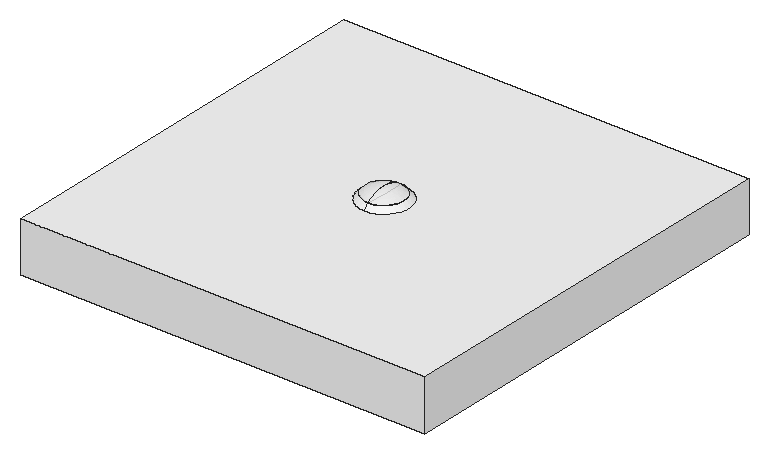
Revit family "Sarlam_Eclairage_Hublot_Chartres_Essentiel_T1_Diam_300mm_1000Lm", category Luminaires, Revit 2020
Family settings
  Hôte = Face
  Cote de connecteur circulaire = Utiliser le diamètre
  Type d'élément = Normal
  Couper avec des vides une fois chargée = Non
  Source d'éclairage = Oui
  Partagée = Non
  Point de calcul de pièce = Non
Parameters (values of type "Détection BLANC")
  Zone plafond formes 1à7 [instance] = and(not(Diamètre externe = 328 mm), or([Standard Formes 1-3-6]), not([Afficher la zone de détection-pose murale]), [Afficher la zone de détection-pose plafond])  # no
  Zone murale formes 1à7 [instance] = and(not(Diamètre externe = 328 mm), or([Standard Formes 1-3-6]), [Afficher la zone de détection-pose murale], not([Afficher la zone de détection-pose plafond]))  # no
  Zone de détection = "Détection à 2,5m haut Plafond: Ø6m maxi Mur: Ellipse 16*17m"
  URL = "http://www.legrandoc.com/SL532140"
  Type de variation = "Non régulable"
  Type de tension = "CA"
  Tension nominale (Un) V MIN = 207
  Tension nominale (Un) V MAX = 253
  built-in parameter 1150107 = 3200 (stored number, unit not read)
  Température de couleur K MIN = 4000
  Température de couleur K MAX = 4000
  Standard Formes 1-3-6 = yes
  Source lumineuse = "Led non interchangeable"
  Répartition lumineuse = "Symétrique"
  Puissance du système W = 10
  Puissance de la source lumineuse W = ""
  Puissance de la lampe en Multiwatt = "Autre"
  Wattage = 9.2903 W
  built-in parameter 1150110 = 1 (stored number, unit not read)
  built-in parameter 1150109 = 1 (stored number, unit not read)
  built-in parameter 1114218 = 1 (stored number, unit not read)
  built-in parameter 1150113 = 1 (stored number, unit not read)
  built-in parameter 1150112 = 1 (stored number, unit not read)
  built-in parameter 1150137 = (empty or 0)
  built-in parameter 1150132 = (empty or 0)
  Modèle = "SL-532140"
  Longueur d'encastrement = 0 mm
  Longueur = 300 mm
  Largeur d'encastrement = 300 mm
  Largeur = 300 mm
  built-in parameter 1150105 = 109.82 (stored number, unit not read)
  built-in parameter 1150102 = (empty or 0)
  Hauteur/profondeur d'encastrement = 0 mm
  Hauteur/profondeur = 70 mm
  Dimming Lamp Color Temperature Shift = (empty or 0)
  Lumens = 1380 lm
  Color Filter = 16777215
  Fichier de distribution photométrique = "SL532100.ies"
  built-in parameter 1114217 = 1 (stored number, unit not read)
  built-in parameter 1150139 = (empty or 0)
  Fabricant = "LEGRAND"
  Emettre à partir du diamètre du cercle = 200 mm
  Emettre la visibilité des formes dans le rendu = no
  built-in parameter 1150104 = 13.8 (stored number, unit not read)
  built-in parameter 1150106 = 1.0982 (stored number, unit not read)
  built-in parameter 1150115 = 1 (stored number, unit not read)
  built-in parameter 1150114 = 1 (stored number, unit not read)
  Diamètre externe = 300 mm
  Diamètre d'encastrement = 0 mm
  Description = "CHARTRES ESSENTIEL 1000LM 4000K  STANDARD DETECTION HF BLANC"
  built-in parameter 1150138 = (empty or 0)
  built-in parameter 1150134 = 3
  Condition Générale d'Utilisation = "https://export.legrand.com/CGU-objets-BIM"
  Angle de l'inclinaison = 0.00°
  Afficher la zone de détection-pose plafond [instance] = no
  Afficher la zone de détection-pose murale [instance] = no
  Matériau du boîtier/corps = Plastique
  Indice de rendu des couleurs CRI = "80-89"
  Indice de protection contre les chocs (IK) = "IK10"
  Indice de protection (IP) = "IP55"
  Flux lumineux utile lm = 1000
  Elévation par défaut = 2500 mm
  Douille = "Sans"
  Courant nominal mA MIN = 39
  Courant nominal mA MAX = 49
  Couleur du boîtier/corps = LEGRAND - Blanc
  Classe de protection = "II"
  Avec détecteur de mouvement = yes
  Avec détecteur crépusculaire = yes
  Appareillage = "Appareil à LED commandé en courant"
  Angle du faisceau = "Faisceau libre"
  Afficher l'étiquette de zone [instance] = no
  Adapté à une suspension = no
  Adapté à un montage encastré = no
  Adapté à un montage en saillie = yes
  Adapté à un montage en applique = yes
  Adapté à un montage au plafond = yes
  built-in parameter 1150133 = 10 (stored number, unit not read)
Types (6, lengths in mm): name | Zone de détection | URL | Puissance du système W | Modèle | Description | Courant nominal mA MIN | Courant nominal mA MAX | Couleur du boîtier/corps | Avec détecteur de mouvement | Avec détecteur crépusculaire
  ON/OFF BLANC | "" | "http://www.legrandoc.com/SL532100" | 9 | "SL-532100" | "CHARTRES ESSENTIEL 1000LM 4000K STANDARD ON/OFF BLANC" | 35 | 44 | LEGRAND - Blanc | no | no
  ON/OFF ANTHRACITE | "" | "http://www.legrandoc.com/SL532101" | 9 | "SL-532101" | "CHARTRES ESSENTIEL 1000LM 4000K STANDARD ON/OFF ANTHRACITE" | 35 | 44 | LEGRAND - Anthracite | no | no
  ON/OFF GRIS METAL | "" | "http://www.legrandoc.com/SL532102" | 9 | "SL-532102" | "CHARTRES ESSENTIEL 1000LM 4000K STANDARD ON/OFF GRIS METAL" | 35 | 44 | LEGRAND - Gris métal | no | no
  Détection BLANC | "Détection à 2,5m haut Plafond: Ø6m maxi Mur: Ellipse 16*17m" | "http://www.legrandoc.com/SL532140" | 10 | "SL-532140" | "CHARTRES ESSENTIEL 1000LM 4000K  STANDARD DETECTION HF BLANC" | 39 | 49 | LEGRAND - Blanc | yes | yes
  Détection ANTHRACITE | "Détection à 2,5m haut Plafond: Ø6m maxi Mur: Ellipse 16*17m" | "http://www.legrandoc.com/SL532141" | 10 | "SL-532141" | "CHARTRES ESSENTIEL 1000LM 4000K  STANDARD DETECTION HF ANTHRACITE" | 39 | 49 | LEGRAND - Anthracite | yes | yes
  Détection GRIS METAL | "Détection à 2,5m haut Plafond: Ø6m maxi Mur: Ellipse 16*17m" | "http://www.legrandoc.com/SL532142" | 10 | "SL-532142" | "CHARTRES ESSENTIEL 1000LM 4000K  STANDARD DETECTION HF GRIS METAL" | 39 | 49 | LEGRAND - Gris métal | yes | yes
Reference planes
  plane 1 "Centre (avant/arrière)": y = 0
  plane 2: z = 0
  plane 3 "Centre (gauche/droite)": x = 0
  plane 4: z = 90
Forms (mm)
  Extrusion 1, solid, material "Blanc"
    sketch origin (0, 0, 0) x (1, 0, 0) y (0, 1, 0)
      loop
        line (-1219.2, 1219.2) -> (-1219.2, -1219.2) -> (1219.2, -1219.2) -> (1219.2, 1219.2) -> (-1219.2, 1219.2)
    from 0 to -304.8
Lines and regions (mm)
  model lines, not visible
    curve 1: line (0, 0, 0) -> (0, 0, 2230)
    curve 2: line (0, 0, 0) -> (0, 3300, 0)
    curve 3: line (0, 0, 0) -> (-2620, 0, 0)
Dimensions and locks
  level to plane 4 = 90 mm
  aligned and locked: plane 2 to Extrusion 1
  aligned and locked: level to Extrusion 1
  aligned and locked: imposter light to plane 4
  aligned and locked: plane 3 "Centre (gauche/droite)" to imposter light
Nested families
  nested 1: "Zone de détection murale Chartres-Astreo" at (0, 0, 0) x (0, 0, 1) z (0, -1, 0), visible <- "Afficher la zone de détection-pose murale", type "Zone de détection murale"
  nested 2: "Formes 1-2-3-4-6-7-8-9" at (0, 0, 0), type "Formes"
    with Standard Formes 1-3-6 yes, Fl 70 mm, Dimension hublot 121.1 mm, Diamètre total 300 mm, Courbure 195.7 mm
  nested 3: "Zone de détection plafond Chartres-Astreo" at (0, 0, 2500), visible <- "Afficher la zone de détection-pose plafond", type "Zone de détection plafond"
    with Zone plafond Formes 8à9 no
  nested 4: "Zone de détection murale Chartres-Astreo" at (0, 0, 0) x (0, 0, 1) z (1, 0, 0), visible <- "Afficher la zone de détection-pose murale", type "Zone de détection murale"
  nested 5: "Etiquette de zone" at (-30, 185, 0) x (-1, 0, 0) z (0, 0, 1), visible <- "Afficher l'étiquette de zone", type "Etiquette de zone"
Connectors
  electrical at (0, 0, 0)
    settings: on nested 2, index 1, voltage 230 V, apparent load 0 VA, apparent load phase1 0 VA, apparent load phase2 0 VA, apparent load phase3 0 VA, power factor 1, load classification "Eclairage", number of poles 1, system type 30, power factor state 1, is connector primary yes, connector utility no, sub classification motor no, connector description ""
Definition of nested family "Formes 1-2-3-4-6-7-8-9"
  Parameters (values of type "Formes")
    Standard Forme 8 = no
    Standard Formes 1-3-6 = no
    Matériau hublot = none
    Matériau corps = none
    Fl = if(Diamètre total < 325 mm, 70 mm, if(Diamètre total = 328 mm, 107 mm, 90 mm))  # 107 mm
    Default Elevation = 0 mm
    Dimension hublot = if(Diamètre total = 300 mm, 121.1 mm, if(Diamètre total = 322 mm, 129.3 mm, if(Diamètre total = 328 mm, 148.6 mm, if(Diamètre total = 420 mm, 179.2 mm, 185.3 mm))))  # 148.6 mm
    Diamètre total = 328 mm
    Courbure = if(Diamètre total = 300 mm, 195.7 mm, if(Diamètre total = 322 mm, 220.2 mm, if(Diamètre total = 328 mm, 179.2 mm, if(Diamètre total = 420 mm, 290 mm, 307.8 mm))))  # 179.2 mm
    Couleur corps = none
    Antivandale Forme 9 = no
    Antivandale Formes 2-4-7 = no
  Reference planes
    plane 1 "Centre (avant/arrière)": y = 0
    plane 2: z = 0
    plane 3 "Centre (gauche/droite)": x = 0
    plane 4: y = 164
    plane 5: y = -164
    plane 6: y = 148.6
  Forms (mm)
    Revolve 1, solid, material <- "Matériau hublot"
      sketch origin (0, 0, 0) x (0, 0, -1) y (0, 1, 0)
        loop
          arc (-28, 148.6) -> (-86.03, 84.151) -> (-107, 0) r 179.2
          line (-107, 0) -> (-28, 0) -> (-28, 148.6)
        axis (-28, 0) -> (-107, 0)
      angle from 0 to 360
  Dimensions and locks
    equal spacing: plane 4, plane 1 "Centre (avant/arrière)", plane 5
    "Diamètre total": plane 4 to plane 5
    equal spacing: plane 5, plane 1 "Centre (avant/arrière)", plane 4
    "Dimension hublot": plane 1 "Centre (avant/arrière)" to plane 6
    "Fl": Revolve 1 sketch curve to plane 2
    "Courbure": radius of Revolve 1 sketch curve
    aligned and locked: level to plane 2
    aligned and locked: plane 6 to Revolve 1 sketch curve
    aligned and locked: plane 2 to nested 2
  Automatic sketch dimensions
    Revolve 1 sketch curve to plane 1 "Centre (avant/arrière)" = 0 mm  (x2)
    level to Revolve 1 sketch curve = 28 mm
    Revolve 1 sketch curve to Revolve 1 sketch curve = 1811.469 mm
    Revolve 1 sketch curve to Revolve 1 sketch curve = 1147.22 mm
  Nested families
    nested 1: "Corps standard Formes 1-3-6" at (0, 0, 0), visible <- "Standard Formes 1-3-6", type "Corps standard Formes 1-3-6"
      with Diamètre 328 mm
    nested 2: "Corps antivandale Formes 2-4-7" at (0, 0, 0), visible <- "Antivandale Formes 2-4-7", type "Corps antivandale Formes 2-4-7"
      with Diamètre 328 mm
    nested 3: "Corps standard Forme 8" at (0, 0, 0), visible <- "Standard Forme 8", type "Corps standard Forme 8"
    nested 4: "Corps antivandale Forme 9" at (0, 0, 0), visible <- "Antivandale Forme 9", type "Corps antivandale Forme 9"
  Definition of nested family "Corps standard Formes 1-3-6"
    Parameters (values of type "Corps standard")
      Matériau corps = none
      Default Elevation = 0 mm
      Couleur corps = none
      Diamètre = 322 mm
      Courbure = if(Diamètre < 400 mm, 195.7 mm, 290 mm)  # 195.7 mm
    Reference planes
      plane 1 "Centre (avant/arrière)": y = 0
      plane 2: z = 0
      plane 3 "Centre (gauche/droite)": x = 0
      plane 4: y = 161
      plane 5: y = -161
      plane 6: z = 28
    Forms (mm)
      Revolve 1, solid, material <- "Couleur corps"
        sketch origin (0, 0, 0) x (0, 0, -1) y (0, 1, 0)
          loop
            line (0, 0) -> (0, 161)
            arc (0, 161) -> (-14.55, 149.906) -> (-28, 137.502) r 195.7
            line (-28, 137.502) -> (-28, 0) -> (0, 0)
          axis (0, 0) -> (-28, 0)
        angle from 0 to 360
    Dimensions and locks
      equal spacing: plane 4, plane 1 "Centre (avant/arrière)", plane 5
      "Diamètre": plane 4 to plane 5
      equal spacing: plane 5, plane 1 "Centre (avant/arrière)", plane 4
      "Courbure": radius of Revolve 1 sketch curve
      aligned and locked: level to plane 2
      aligned and locked: plane 2 to Revolve 1  (x2)
      aligned and locked: Revolve 1 to plane 2
      aligned and locked: plane 6 to Revolve 1
    Automatic sketch dimensions
      Revolve 1 sketch curve to plane 1 "Centre (avant/arrière)" = 0 mm  (x3)
      Revolve 1 sketch curve to plane 6 = 0 mm
      Revolve 1 sketch curve to level = 0 mm
      Revolve 1 sketch curve to plane 4 = 0 mm
      plane 6 to Revolve 1 sketch curve = 1833.51 mm
      Revolve 1 sketch curve to Revolve 1 sketch curve = 1167.217 mm
  Definition of nested family "Corps antivandale Formes 2-4-7"
    Parameters (values of type "Corps antivandale")
      Rayon réseau vis = if(Diamètre < 400 mm, 137.2 mm, 193.2 mm)  # 137.2 mm
      Matériau corps = none
      Default Elevation = 0 mm
      Diamètre = 322 mm
      Courbure = if(Diamètre < 400 mm, 220.2 mm, 307.8 mm)  # 220.2 mm
      Couleur corps = none
    Reference planes
      plane 1 "Centre (avant/arrière)": y = 0
      plane 2: z = 0
      plane 3 "Centre (gauche/droite)": x = 0
      plane 4: y = 161
      plane 5: y = -161
      plane 6: z = 28
      plane 7: through (0, 0, 1200) normal (0.5, 0.866, 0)
      plane 8: through (0, 0, 1200) normal (0.5, -0.866, 0)
    Forms (mm)
      Revolve 1, solid, material <- "Couleur corps"
        sketch origin (0, 0, 0) x (0, 0, -1) y (0, 1, 0)
          loop
            line (0, 0) -> (0, 161)
            arc (0, 161) -> (-14.762, 145.835) -> (-28, 129.323) r 220.2
            line (-28, 129.323) -> (-28, 0) -> (0, 0)
          axis (0, 0) -> (-28, 0)
        angle from 0 to 360
      Extrusion 2, solid, material <- "Couleur corps"
        sketch origin (0, -0.04, 0) x (1, 0, 0) y (0, 1, 0)
          loop
            line (-4, 129.32) -> (-4, 137.3)
            arc (-4, 137.3) -> (0, 141.3) -> (4, 137.3) r 4
            line (4, 137.3) -> (4, 129.32)
            arc (4, 129.32) -> (5, 129.285) -> (6, 129.243) r 129.323
            line (6, 129.243) -> (6, 137.3)
            arc (6, 137.3) -> (0, 143.3) -> (-6, 137.3) r 6
            line (-6, 137.3) -> (-6, 129.243)
            arc (-6, 129.243) -> (-5, 129.285) -> (-4, 129.32) r 129.323
        from 15.189 to 28
      Extrusion 3, solid, material <- "Couleur corps"
        sketch origin (-0.035, 0.02, 0) x (-0.5, -0.866025, 0) y (0.866025, -0.5, 0)
          loop
            line (-4, 129.32) -> (-4, 137.3)
            arc (-4, 137.3) -> (0, 141.3) -> (4, 137.3) r 4
            line (4, 137.3) -> (4, 129.32)
            arc (4, 129.32) -> (5, 129.285) -> (6, 129.243) r 129.323
            line (6, 129.243) -> (6, 137.3)
            arc (6, 137.3) -> (0, 143.3) -> (-6, 137.3) r 6
            line (-6, 137.3) -> (-6, 129.243)
            arc (-6, 129.243) -> (-5, 129.285) -> (-4, 129.32) r 129.323
        from 15.189 to 28
      Extrusion 4, solid, material <- "Couleur corps"
        sketch origin (0.035, 0.02, 0) x (-0.5, 0.866025, 0) y (-0.866025, -0.5, 0)
          loop
            line (-4, 129.32) -> (-4, 137.3)
            arc (-4, 137.3) -> (0, 141.3) -> (4, 137.3) r 4
            line (4, 137.3) -> (4, 129.32)
            arc (4, 129.32) -> (5, 129.285) -> (6, 129.243) r 129.323
            line (6, 129.243) -> (6, 137.3)
            arc (6, 137.3) -> (0, 143.3) -> (-6, 137.3) r 6
            line (-6, 137.3) -> (-6, 129.243)
            arc (-6, 129.243) -> (-5, 129.285) -> (-4, 129.32) r 129.323
        from 15.189 to 28
      Revolve 5, solid
        sketch origin (0, 0.018, -12.656) x (0, 1, 0) y (0, 0, 1)
          loop
            line (136.525, 38.942) -> (136.525, 29.094) -> (136.962, 29.907) -> (137.751, 35.518) -> (140.148, 38.942) -> (136.525, 38.942)
          axis (136.525, 29.094) -> (136.525, 38.942)
        angle from 0 to 360
      Revolve 6, solid
        sketch origin (0.016, -0.009, -12.656) x (0.866025, -0.5, 0) y (0, 0, 1)
          loop
            line (136.525, 38.942) -> (136.525, 29.094) -> (136.962, 29.907) -> (137.751, 35.518) -> (140.148, 38.942) -> (136.525, 38.942)
          axis (136.525, 29.094) -> (136.525, 38.942)
        angle from 0 to 360
      Revolve 7, solid
        sketch origin (-0.016, -0.009, -12.656) x (-0.866025, -0.5, 0) y (0, 0, 1)
          loop
            line (136.525, 38.942) -> (136.525, 29.094) -> (136.962, 29.907) -> (137.751, 35.518) -> (140.148, 38.942) -> (136.525, 38.942)
          axis (136.525, 29.094) -> (136.525, 38.942)
        angle from 0 to 360
    Cuts and joins
      joined: Revolve 1, Extrusion 2
    Lines and regions (mm)
      model lines
        curve 1: line (-2.5, 136.543, 26.285) -> (2.5, 136.543, 26.285)
        curve 2: line (0, 138.995, 26.285) -> (0, 133.995, 26.285)
        curve 3: line (119.5, -66.107, 26.285) -> (117, -70.437, 26.285)
        curve 4: line (120.373, -69.497, 26.285) -> (116.043, -66.997, 26.285)
        curve 5: line (-117, -70.437, 26.285) -> (-119.5, -66.107, 26.285)
        curve 6: line (-120.373, -69.497, 26.285) -> (-116.043, -66.997, 26.285)
    Dimensions and locks
      equal spacing: plane 4, plane 1 "Centre (avant/arrière)", plane 5
      "Diamètre": plane 4 to plane 5
      equal spacing: plane 5, plane 1 "Centre (avant/arrière)", plane 4
      "Courbure": radius of Revolve 1 sketch curve
      "Rayon réseau vis": radius of radial array
      aligned and locked: level to plane 2
      aligned and locked: plane 2 to Revolve 1  (x2)
      aligned and locked: Revolve 1 to plane 2
      aligned and locked: plane 6 to Revolve 1
    Automatic sketch dimensions
      Extrusion 2 sketch curve to Extrusion 2 sketch curve = 0 mm  (x9)
      Extrusion 2 sketch curve to Extrusion 2 sketch curve = 7.98 mm
      Extrusion 2 sketch curve to Extrusion 2 sketch curve = 0.077 mm
      Extrusion 2 sketch curve to Extrusion 2 sketch curve = 2 mm
      Extrusion 2 sketch curve to Extrusion 2 sketch curve = 4 mm
      Extrusion 2 sketch curve to Extrusion 2 sketch curve = 6 mm
      Extrusion 3 sketch curve to Extrusion 3 sketch curve = 0 mm  (x9)
      Extrusion 3 sketch curve to Extrusion 3 sketch curve = 7.98 mm
      Extrusion 3 sketch curve to Extrusion 3 sketch curve = 0.077 mm
      Extrusion 3 sketch curve to Extrusion 3 sketch curve = 2 mm
      Extrusion 3 sketch curve to Extrusion 3 sketch curve = 4 mm
      Extrusion 3 sketch curve to Extrusion 3 sketch curve = 6 mm
      Extrusion 4 sketch curve to Extrusion 4 sketch curve = 0 mm  (x9)
      Extrusion 4 sketch curve to Extrusion 4 sketch curve = 7.98 mm
      Extrusion 4 sketch curve to Extrusion 4 sketch curve = 0.077 mm
      Extrusion 4 sketch curve to Extrusion 4 sketch curve = 2 mm
      Extrusion 4 sketch curve to Extrusion 4 sketch curve = 4 mm
      Extrusion 4 sketch curve to Extrusion 4 sketch curve = 6 mm
      Revolve 7 sketch curve to Revolve 7 sketch curve = 0.437 mm  (x2)
      Revolve 7 sketch curve to Revolve 7 sketch curve = 1.226 mm  (x2)
      Revolve 7 sketch curve to Revolve 7 sketch curve = 2.397 mm
      Revolve 7 sketch curve to Revolve 7 sketch curve = 0.813 mm  (x2)
      Revolve 7 sketch curve to Revolve 7 sketch curve = 5.611 mm  (x2)
      Revolve 7 sketch curve to Revolve 7 sketch curve = 3.424 mm  (x2)
      Revolve 7 sketch curve to Revolve 7 sketch curve = 0 mm  (x2)
      Revolve 7 sketch curve to Revolve 7 sketch curve = 0.975 mm
      Revolve 7 sketch curve to Revolve 7 sketch curve = 3.281 mm  (x2)
      Revolve 5 sketch curve to Revolve 5 sketch curve = 0.437 mm  (x2)
      Revolve 5 sketch curve to Revolve 5 sketch curve = 1.226 mm  (x2)
      Revolve 5 sketch curve to Revolve 5 sketch curve = 3.623 mm
      Revolve 5 sketch curve to Revolve 5 sketch curve = 5.611 mm  (x2)
      Revolve 5 sketch curve to Revolve 5 sketch curve = 3.424 mm  (x2)
      Revolve 5 sketch curve to Revolve 5 sketch curve = 0 mm  (x2)
      Revolve 5 sketch curve to Revolve 5 sketch curve = 0.813 mm  (x2)
      Revolve 5 sketch curve to Revolve 5 sketch curve = 0.162 mm
      Revolve 5 sketch curve to Revolve 5 sketch curve = 3.281 mm  (x2)
      Revolve 6 sketch curve to Revolve 6 sketch curve = 0.437 mm  (x2)
      Revolve 6 sketch curve to Revolve 6 sketch curve = 1.226 mm  (x2)
      Revolve 6 sketch curve to Revolve 6 sketch curve = 3.623 mm
      Revolve 6 sketch curve to Revolve 6 sketch curve = 5.611 mm  (x2)
      Revolve 6 sketch curve to Revolve 6 sketch curve = 3.424 mm  (x2)
      Revolve 6 sketch curve to Revolve 6 sketch curve = 0 mm  (x2)
      Revolve 6 sketch curve to Revolve 6 sketch curve = 0.813 mm  (x2)
      Revolve 6 sketch curve to Revolve 6 sketch curve = 0.162 mm
      Revolve 6 sketch curve to Revolve 6 sketch curve = 3.281 mm  (x2)
      Revolve 7 sketch curve to Revolve 7 sketch curve = 3.623 mm
      Revolve 7 sketch curve to Revolve 7 sketch curve = 0.162 mm
      curve 2 to Revolve 5 = 0 mm
      curve 2 to curve 1 = 2.548 mm
      curve 1 to curve 2 = 2.452 mm
      Revolve 5 to curve 1 = 2.5 mm
      curve 1 to Revolve 5 = 2.5 mm
      curve 4 to Revolve 6 = 0 mm
      curve 4 to curve 3 = 2.548 mm
      curve 3 to curve 4 = 2.452 mm
      Revolve 6 to curve 3 = 2.5 mm
      curve 3 to Revolve 6 = 2.5 mm
      curve 6 to Revolve 7 = 0 mm
      curve 6 to curve 5 = 2.548 mm
      curve 5 to curve 6 = 2.452 mm
      Revolve 7 to curve 5 = 2.5 mm
      curve 5 to Revolve 7 = 2.5 mm
      Revolve 5 sketch curve to Revolve 5 sketch curve = 2.397 mm
      Revolve 5 sketch curve to Revolve 5 sketch curve = 0.975 mm
      Revolve 6 sketch curve to Revolve 6 sketch curve = 2.397 mm
      Revolve 6 sketch curve to Revolve 6 sketch curve = 0.975 mm
      Revolve 1 sketch curve to plane 1 "Centre (avant/arrière)" = 0 mm  (x3)
      Revolve 1 sketch curve to plane 6 = 0 mm
      Revolve 1 sketch curve to level = 0 mm
      Revolve 1 sketch curve to plane 4 = 0 mm
      plane 6 to Revolve 1 sketch curve = 1833.51 mm
      Revolve 1 sketch curve to Revolve 1 sketch curve = 1128.321 mm
  Definition of nested family "Corps standard Forme 8"
    Parameters (values of type "Corps standard Forme 8")
      Matériau corps = none
      Default Elevation = 0 mm
      Couleur corps = none
      Diamètre = 328 mm
    Reference planes
      plane 1 "Centre (avant/arrière)": y = 0
      plane 2: z = 0
      plane 3 "Centre (gauche/droite)": x = 0
      plane 4: y = 164
      plane 5: y = -164
      plane 6: z = 28
      plane 7: y = 7.5
      plane 8: y = -7.5
    Forms (mm)
      Revolve 1, solid, material <- "Couleur corps"
        sketch origin (0, 0, 0) x (0, 0, -1) y (0, 1, 0)
          loop
            line (0, 0) -> (0, 164)
            arc (0, 164) -> (-14.345, 156.905) -> (-28, 148.559) r 179.182
            line (-28, 148.559) -> (-28, 0) -> (0, 0)
          axis (0, 0) -> (-28, 0)
        angle from 0 to 360
      Sweep 2, void
        path origin (0, 0, 0) x (1, 0, 0) y (0, 1, 0)
          loop
            arc (153.049, 7.5) -> (0, 153.232) -> (-153.049, 7.5) r 153.232
        profile origin (0, 153.232, 0) x (0, -1, 0) y (0, 0, 1)
          loop
            line (-5.469, 6.213) -> (-10.469, 16.465) -> (-10.469, 6.213) -> (-5.469, 6.213)
      Sweep 3, void
        path origin (0, 0, 0) x (1, 0, 0) y (0, 1, 0)
          loop
            arc (153.049, 7.5) -> (0, 153.232) -> (-153.049, 7.5) r 153.232
        profile origin (0, 153.232, 0) x (0, -1, 0) y (0, 0, 1)
          loop
            line (-1.643, 13.471) -> (-6.643, 23.723) -> (-6.643, 13.471) -> (-1.643, 13.471)
      Sweep 4, void
        path origin (0, 0, 0) x (1, 0, 0) y (0, -1, 0)
          loop
            arc (153.049, 7.5) -> (0, 153.232) -> (-153.049, 7.5) r 153.232
        profile origin (0, -153.232, 0) x (0, -1, 0) y (0, 0, 1)
          loop
            line (1.643, 13.471) -> (6.643, 13.471) -> (6.643, 23.723) -> (1.643, 13.471)
      Sweep 5, void
        path origin (0, 0, 0) x (1, 0, 0) y (0, -1, 0)
          loop
            arc (153.049, 7.5) -> (0, 153.232) -> (-153.049, 7.5) r 153.232
        profile origin (0, -153.232, 0) x (0, -1, 0) y (0, 0, 1)
          loop
            line (5.469, 6.213) -> (10.469, 6.213) -> (10.469, 16.465) -> (5.469, 6.213)
    Cuts and joins
      Sweep 2, Sweep 3, Sweep 4, Sweep 5 cuts Revolve 1
    Dimensions and locks
      equal spacing: plane 4, plane 1 "Centre (avant/arrière)", plane 5
      "Diamètre": plane 4 to plane 5
      equal spacing: plane 5, plane 1 "Centre (avant/arrière)", plane 4
      aligned and locked: level to plane 2
      aligned and locked: plane 2 to Revolve 1  (x2)
      aligned and locked: Revolve 1 to plane 2
      aligned and locked: plane 6 to Revolve 1
    Automatic sketch dimensions
      Sweep 2 sketch curve to plane 7 = 0 mm  (x2)
      plane 1 "Centre (avant/arrière)" to Sweep 2 sketch curve = 0 mm
      Sweep 2 sketch curve to plane 3 "Centre (gauche/droite)" = 0 mm
      Sweep 2 sketch curve to plane 3 "Centre (gauche/droite)" = 153.049 mm
      Sweep 3 sketch curve to plane 7 = 0 mm  (x2)
      plane 1 "Centre (avant/arrière)" to Sweep 3 sketch curve = 0 mm
      Sweep 3 sketch curve to plane 3 "Centre (gauche/droite)" = 0 mm
      Sweep 3 sketch curve to plane 3 "Centre (gauche/droite)" = 153.049 mm
      Sweep 4 sketch curve to plane 8 = 0 mm  (x2)
      plane 1 "Centre (avant/arrière)" to Sweep 4 sketch curve = 0 mm
      Sweep 4 sketch curve to plane 3 "Centre (gauche/droite)" = 0 mm
      plane 3 "Centre (gauche/droite)" to Sweep 4 sketch curve = 153.049 mm
      Sweep 5 sketch curve to plane 8 = 0 mm  (x2)
      plane 1 "Centre (avant/arrière)" to Sweep 5 sketch curve = 0 mm
      Sweep 5 sketch curve to plane 3 "Centre (gauche/droite)" = 0 mm
      plane 3 "Centre (gauche/droite)" to Sweep 5 sketch curve = 153.049 mm
      Revolve 1 sketch curve to plane 1 "Centre (avant/arrière)" = 0 mm  (x3)
      Revolve 1 sketch curve to plane 6 = 0 mm
      Revolve 1 sketch curve to level = 0 mm
      Revolve 1 sketch curve to plane 4 = 0 mm
      Revolve 1 sketch curve to Revolve 1 sketch curve = 72.182 mm
      plane 6 to Revolve 1 sketch curve = 1833.51 mm
      Revolve 1 sketch curve to Revolve 1 sketch curve = 1201.817 mm
      profile plane to Sweep 2 sketch curve = 10.469 mm
      Sweep 2 sketch curve to Sweep 2 sketch curve = 5 mm
      level to Sweep 2 sketch curve = 6.213 mm
      Sweep 2 sketch curve to Sweep 2 sketch curve = 10.252 mm
      profile plane to Sweep 3 sketch curve = 6.643 mm
      profile plane to Sweep 3 sketch curve = 1.643 mm
      level to Sweep 3 sketch curve = 13.471 mm
      Sweep 3 sketch curve to Sweep 3 sketch curve = 10.252 mm
      Sweep 4 sketch curve to profile plane = 1.643 mm
      Sweep 4 sketch curve to profile plane = 6.643 mm
      level to Sweep 4 sketch curve = 13.471 mm
      Sweep 4 sketch curve to Sweep 4 sketch curve = 10.252 mm
      Sweep 5 sketch curve to profile plane = 5.469 mm
      Sweep 5 sketch curve to profile plane = 10.469 mm
      level to Sweep 5 sketch curve = 6.213 mm
      Sweep 5 sketch curve to Sweep 5 sketch curve = 10.252 mm
  Definition of nested family "Corps antivandale Forme 9"
    Parameters (values of type "Corps antivandale Forme 9")
      Matériau corps = none
      Default Elevation = 0 mm
      Couleur corps = none
      Diamètre = 328 mm
    Reference planes
      plane 1 "Centre (avant/arrière)": y = 0
      plane 2: z = 0
      plane 3 "Centre (gauche/droite)": x = 0
      plane 4: y = 164
      plane 5: y = -164
      plane 6: z = 28
      plane 7: y = 7.5
      plane 8: y = -7.5
    Forms (mm)
      Revolve 1, solid, material <- "Couleur corps"
        sketch origin (0, 0, 0) x (0, 0, -1) y (0, 1, 0)
          loop
            line (0, 0) -> (0, 164)
            arc (0, 164) -> (-14.345, 156.905) -> (-28, 148.559) r 179.182
            line (-28, 148.559) -> (-28, 0) -> (0, 0)
          axis (0, 0) -> (-28, 0)
        angle from 0 to 360
      Extrusion 2, void
        sketch origin (-1.406, 0, 0) x (1, 0, 0) y (0, 1, 0)
          loop
            circle (157.486, 0) r 5
        from 5.665 to 28
      Sweep 3, void
        path origin (0, 0, 0) x (1, 0, 0) y (0, 1, 0)
          loop
            arc (153.049, 7.5) -> (0, 153.232) -> (-153.049, 7.5) r 153.232
        profile origin (0, 153.232, 0) x (0, -1, 0) y (0, 0, 1)
          loop
            line (-5.469, 6.213) -> (-10.469, 16.465) -> (-10.469, 6.213) -> (-5.469, 6.213)
      Extrusion 4, void
        sketch origin (1.406, 0, 0) x (-1, 0, 0) y (0, -1, 0)
          loop
            circle (157.486, 0) r 5
        from 5.665 to 28
      Sweep 5, void
        path origin (0, 0, 0) x (1, 0, 0) y (0, 1, 0)
          loop
            arc (153.049, 7.5) -> (0, 153.232) -> (-153.049, 7.5) r 153.232
        profile origin (0, 153.232, 0) x (0, -1, 0) y (0, 0, 1)
          loop
            line (-1.643, 13.471) -> (-6.643, 23.723) -> (-6.643, 13.471) -> (-1.643, 13.471)
      Sweep 6, void
        path origin (0, 0, 0) x (1, 0, 0) y (0, -1, 0)
          loop
            arc (153.049, 7.5) -> (0, 153.232) -> (-153.049, 7.5) r 153.232
        profile origin (0, -153.232, 0) x (0, -1, 0) y (0, 0, 1)
          loop
            line (1.643, 13.471) -> (6.643, 13.471) -> (6.643, 23.723) -> (1.643, 13.471)
      Sweep 7, void
        path origin (0, 0, 0) x (1, 0, 0) y (0, -1, 0)
          loop
            arc (153.049, 7.5) -> (0, 153.232) -> (-153.049, 7.5) r 153.232
        profile origin (0, -153.232, 0) x (0, -1, 0) y (0, 0, 1)
          loop
            line (5.469, 6.213) -> (10.469, 6.213) -> (10.469, 16.465) -> (5.469, 6.213)
      Revolve 8, solid
        sketch origin (-156.149, -136.533, -30.469) x (0, 1, 0) y (0, 0, 1)
          loop
            line (136.525, 38.942) -> (136.525, 31.651) -> (137.319, 32.445) -> (137.923, 36.741) -> (139.106, 38.942) -> (136.525, 38.942)
          axis (136.525, 31.651) -> (136.525, 38.942)
        angle from 0 to 360
      Revolve 9, solid
        sketch origin (156.149, -136.533, -30.469) x (0, 1, 0) y (0, 0, -1)
          loop
            line (136.525, -38.942) -> (139.106, -38.942) -> (137.923, -36.741) -> (137.319, -32.445) -> (136.525, -31.651) -> (136.525, -38.942)
          axis (136.525, -31.651) -> (136.525, -38.942)
        angle from 0 to 360
    Cuts and joins
      Extrusion 2, Sweep 3, Extrusion 4, Sweep 5, Sweep 6, Sweep 7 cuts Revolve 1
    Lines and regions (mm)
      model lines
        curve 1: line (-156.149, 1.39, 8.473) -> (-156.149, -1.406, 8.473)
        curve 2: line (-157.503, 0, 8.473) -> (-154.615, 0, 8.473)
        curve 3: line (156.149, 1.39, 8.473) -> (156.149, -1.406, 8.473)
        curve 4: line (157.503, 0, 8.473) -> (154.615, 0, 8.473)
    Dimensions and locks
      equal spacing: plane 4, plane 1 "Centre (avant/arrière)", plane 5
      "Diamètre": plane 4 to plane 5
      equal spacing: plane 5, plane 1 "Centre (avant/arrière)", plane 4
      aligned and locked: level to plane 2
      aligned and locked: plane 2 to Revolve 1  (x2)
      aligned and locked: Revolve 1 to plane 2
      aligned and locked: plane 6 to Revolve 1
    Automatic sketch dimensions
      plane 1 "Centre (avant/arrière)" to Extrusion 2 sketch curve = 0 mm
      plane 3 "Centre (gauche/droite)" to Extrusion 2 sketch curve = 156.08 mm
      Sweep 3 sketch curve to plane 7 = 0 mm  (x2)
      plane 1 "Centre (avant/arrière)" to Sweep 3 sketch curve = 0 mm
      Sweep 3 sketch curve to plane 3 "Centre (gauche/droite)" = 0 mm
      Sweep 3 sketch curve to plane 3 "Centre (gauche/droite)" = 153.049 mm
      plane 1 "Centre (avant/arrière)" to Extrusion 4 sketch curve = 0 mm
      plane 3 "Centre (gauche/droite)" to Extrusion 4 sketch curve = 156.08 mm
      Sweep 5 sketch curve to plane 7 = 0 mm  (x2)
      plane 1 "Centre (avant/arrière)" to Sweep 5 sketch curve = 0 mm
      Sweep 5 sketch curve to plane 3 "Centre (gauche/droite)" = 0 mm
      Sweep 5 sketch curve to plane 3 "Centre (gauche/droite)" = 153.049 mm
      Sweep 6 sketch curve to plane 8 = 0 mm  (x2)
      plane 1 "Centre (avant/arrière)" to Sweep 6 sketch curve = 0 mm
      Sweep 6 sketch curve to plane 3 "Centre (gauche/droite)" = 0 mm
      plane 3 "Centre (gauche/droite)" to Sweep 6 sketch curve = 153.049 mm
      Sweep 7 sketch curve to plane 8 = 0 mm  (x2)
      plane 1 "Centre (avant/arrière)" to Sweep 7 sketch curve = 0 mm
      Sweep 7 sketch curve to plane 3 "Centre (gauche/droite)" = 0 mm
      plane 3 "Centre (gauche/droite)" to Sweep 7 sketch curve = 153.049 mm
      Revolve 1 sketch curve to plane 1 "Centre (avant/arrière)" = 0 mm  (x3)
      Revolve 1 sketch curve to plane 6 = 0 mm
      Revolve 1 sketch curve to level = 0 mm
      Revolve 1 sketch curve to plane 4 = 0 mm
      Revolve 1 sketch curve to Revolve 1 sketch curve = 72.182 mm
      plane 6 to Revolve 1 sketch curve = 1833.51 mm
      Revolve 1 sketch curve to Revolve 1 sketch curve = 1201.817 mm
      profile plane to Sweep 3 sketch curve = 10.469 mm
      Sweep 3 sketch curve to Sweep 3 sketch curve = 5 mm
      level to Sweep 3 sketch curve = 6.213 mm
      Sweep 3 sketch curve to Sweep 3 sketch curve = 10.252 mm
      profile plane to Sweep 5 sketch curve = 6.643 mm
      profile plane to Sweep 5 sketch curve = 1.643 mm
      level to Sweep 5 sketch curve = 13.471 mm
      Sweep 5 sketch curve to Sweep 5 sketch curve = 10.252 mm
      Sweep 6 sketch curve to profile plane = 1.643 mm
      Sweep 6 sketch curve to profile plane = 6.643 mm
      level to Sweep 6 sketch curve = 13.471 mm
      Sweep 6 sketch curve to Sweep 6 sketch curve = 10.252 mm
      Sweep 7 sketch curve to profile plane = 5.469 mm
      Sweep 7 sketch curve to profile plane = 10.469 mm
      level to Sweep 7 sketch curve = 6.213 mm
      Sweep 7 sketch curve to Sweep 7 sketch curve = 10.252 mm
      plane 1 "Centre (avant/arrière)" to Revolve 8 sketch curve = 0.008 mm  (x2)
      Revolve 8 sketch curve to plane 1 "Centre (avant/arrière)" = 0.786 mm
      Revolve 8 sketch curve to plane 1 "Centre (avant/arrière)" = 1.39 mm
      Revolve 8 sketch curve to Revolve 8 sketch curve = 1.183 mm
      level to Revolve 8 sketch curve = 1.183 mm
      Revolve 8 sketch curve to Revolve 8 sketch curve = 0.794 mm
      Revolve 8 sketch curve to Revolve 8 sketch curve = 4.296 mm
      Revolve 8 sketch curve to Revolve 8 sketch curve = 2.201 mm
      Revolve 8 sketch curve to level = 0.4 mm
      Revolve 8 sketch curve to Revolve 8 sketch curve = 3.281 mm
      plane 1 "Centre (avant/arrière)" to Revolve 9 sketch curve = 0.008 mm  (x2)
      Revolve 9 sketch curve to plane 1 "Centre (avant/arrière)" = 0.786 mm
      Revolve 9 sketch curve to plane 1 "Centre (avant/arrière)" = 1.39 mm
      Revolve 9 sketch curve to Revolve 9 sketch curve = 1.183 mm
      level to Revolve 9 sketch curve = 8.473 mm
      Revolve 9 sketch curve to Revolve 9 sketch curve = 2.201 mm
      level to Revolve 9 sketch curve = 1.977 mm
      Revolve 9 sketch curve to Revolve 9 sketch curve = 0.794 mm
      Revolve 9 sketch curve to Revolve 9 sketch curve = 3.281 mm
      Revolve 9 sketch curve to level = 0.4 mm
      curve 1 to Revolve 8 = 0 mm
      curve 1 to curve 3 = 0 mm
      curve 1 to curve 2 = 1.406 mm
      curve 3 to curve 4 = 1.406 mm
      curve 4 to curve 3 = 1.39 mm
      curve 2 to curve 1 = 1.39 mm
      Revolve 8 to curve 2 = 1.534 mm
      curve 4 to curve 2 = 309.23 mm
      curve 3 to curve 4 = 1.534 mm
      curve 4 to curve 3 = 1.354 mm
      curve 2 to Revolve 8 = 1.354 mm
      radius of Extrusion 2 sketch curve = 5 mm
      radius of Extrusion 4 sketch curve = 5 mm
Definition of nested family "Zone de détection murale Chartres-Astreo"
  Parameters (values of type "Zone de détection murale")
    Zone murale Formes 8à9 = no
    Zone murale Formes 1à7 = no
  Reference planes
    plane 1 "Centre (avant/arrière)": y = 0
    plane 2: z = 0
    plane 3 "Centre (gauche/droite)": x = 0
    plane 4: x = 3500
    plane 5: y = 1000
    plane 6: x = 10000
    plane 7: y = 3500
    plane 8: x = 13000
    plane 9: y = 4000
    plane 10: x = 17000
    plane 11: y = 8000
    plane 12: x = 6000
    plane 13: x = 8000
  Lines and regions (mm)
    detail lines, in view "Niveau de réf.", visible <- "Zone murale Formes 1à7"
      curve 1: spline (0, 0, 0) -> (59.63, 258.819, 0) -> (234.456, 500, 0) -> (512.563, 707.107, 0) -> (875, 866.025, 0) -> (1297.067, 965.926, 0) -> (1750, 1000, 0) -> (2202.933, 965.926, 0) -> (2625, 866.025, 0) -> (2987.437, 707.107, 0) -> (3265.544, 500, 0) -> (3440.37, 258.819, 0) -> (3500, 0, 0) -> (3440.37, -258.819, 0) -> (3265.544, -500, 0) -> (2987.437, -707.107, 0) -> (2625, -866.025, 0) -> (2202.933, -965.926, 0) -> (1750, -1000, 0) -> (1297.067, -965.926, 0) -> (875, -866.025, 0) -> (512.563, -707.107, 0) -> (234.456, -500, 0) -> (59.63, -258.819, 0) -> (0, 0, 0)
      curve 2: spline (0, 0, 0) -> (170.371, 905.867, 0) -> (669.873, 1750, 0) -> (1464.466, 2474.874, 0) -> (2500, 3031.089, 0) -> (3705.905, 3380.74, 0) -> (5000, 3500, 0) -> (6294.095, 3380.74, 0) -> (7500, 3031.089, 0) -> (8535.534, 2474.874, 0) -> (9330.127, 1750, 0) -> (9829.629, 905.867, 0) -> (10000, 0, 0) -> (9829.629, -905.867, 0) -> (9330.127, -1750, 0) -> (8535.534, -2474.874, 0) -> (7500, -3031.089, 0) -> (6294.095, -3380.74, 0) -> (5000, -3500, 0) -> (3705.905, -3380.74, 0) -> (2500, -3031.089, 0) -> (1464.466, -2474.874, 0) -> (669.873, -1750, 0) -> (170.371, -905.867, 0) -> (0, 0, 0)
      curve 3: spline (0, 0, 0) -> (221.482, 1035.276, 0) -> (870.835, 2000, 0) -> (1903.806, 2828.427, 0) -> (3250, 3464.102, 0) -> (4817.676, 3863.703, 0) -> (6500, 4000, 0) -> (8182.324, 3863.703, 0) -> (9750, 3464.102, 0) -> (11096.194, 2828.427, 0) -> (12129.165, 2000, 0) -> (12778.518, 1035.276, 0) -> (13000, 0, 0) -> (12778.518, -1035.276, 0) -> (12129.165, -2000, 0) -> (11096.194, -2828.427, 0) -> (9750, -3464.102, 0) -> (8182.324, -3863.703, 0) -> (6500, -4000, 0) -> (4817.676, -3863.703, 0) -> (3250, -3464.102, 0) -> (1903.806, -2828.427, 0) -> (870.835, -2000, 0) -> (221.482, -1035.276, 0) -> (0, 0, 0)
      curve 4: spline (0, 0, 0) -> (289.63, 2070.552, 0) -> (1138.784, 4000, 0) -> (2489.592, 5656.854, 0) -> (4250, 6928.203, 0) -> (6300.038, 7727.407, 0) -> (8500, 8000, 0) -> (10699.962, 7727.407, 0) -> (12750, 6928.203, 0) -> (14510.408, 5656.854, 0) -> (15861.216, 4000, 0) -> (16710.37, 2070.552, 0) -> (17000, 0, 0) -> (16710.37, -2070.552, 0) -> (15861.216, -4000, 0) -> (14510.408, -5656.854, 0) -> (12750, -6928.203, 0) -> (10699.962, -7727.407, 0) -> (8500, -8000, 0) -> (6300.038, -7727.407, 0) -> (4250, -6928.203, 0) -> (2489.592, -5656.854, 0) -> (1138.784, -4000, 0) -> (289.63, -2070.552, 0) -> (0, 0, 0)
    detail lines, in view "Niveau de réf.", visible <- "Zone murale Formes 8à9"
      curve 5: spline (0, 0, 0) -> (102.223, 258.819, 0) -> (401.924, 500, 0) -> (878.68, 707.107, 0) -> (1500, 866.025, 0) -> (2223.543, 965.926, 0) -> (3000, 1000, 0) -> (3776.457, 965.926, 0) -> (4500, 866.025, 0) -> (5121.32, 707.107, 0) -> (5598.076, 500, 0) -> (5897.777, 258.819, 0) -> (6000, 0, 0) -> (5897.777, -258.819, 0) -> (5598.076, -500, 0) -> (5121.32, -707.107, 0) -> (4500, -866.025, 0) -> (3776.457, -965.926, 0) -> (3000, -1000, 0) -> (2223.543, -965.926, 0) -> (1500, -866.025, 0) -> (878.68, -707.107, 0) -> (401.924, -500, 0) -> (102.223, -258.819, 0) -> (0, 0, 0)
      curve 6: spline (0, 0, 0) -> (136.297, 647.048, 0) -> (535.898, 1250, 0) -> (1171.573, 1767.767, 0) -> (2000, 2165.064, 0) -> (2964.724, 2414.815, 0) -> (4000, 2500, 0) -> (5035.276, 2414.815, 0) -> (6000, 2165.064, 0) -> (6828.427, 1767.767, 0) -> (7464.102, 1250, 0) -> (7863.703, 647.048, 0) -> (8000, 0, 0) -> (7863.703, -647.048, 0) -> (7464.102, -1250, 0) -> (6828.427, -1767.767, 0) -> (6000, -2165.064, 0) -> (5035.276, -2414.815, 0) -> (4000, -2500, 0) -> (2964.724, -2414.815, 0) -> (2000, -2165.064, 0) -> (1171.573, -1767.767, 0) -> (535.898, -1250, 0) -> (136.297, -647.048, 0) -> (0, 0, 0)
      curve 7: spline (0, 0, 0) -> (170.371, 1035.276, 0) -> (669.873, 2000, 0) -> (1464.466, 2828.427, 0) -> (2500, 3464.102, 0) -> (3705.905, 3863.703, 0) -> (5000, 4000, 0) -> (6294.095, 3863.703, 0) -> (7500, 3464.102, 0) -> (8535.534, 2828.427, 0) -> (9330.127, 2000, 0) -> (9829.629, 1035.276, 0) -> (10000, 0, 0) -> (9829.629, -1035.276, 0) -> (9330.127, -2000, 0) -> (8535.534, -2828.427, 0) -> (7500, -3464.102, 0) -> (6294.095, -3863.703, 0) -> (5000, -4000, 0) -> (3705.905, -3863.703, 0) -> (2500, -3464.102, 0) -> (1464.466, -2828.427, 0) -> (669.873, -2000, 0) -> (170.371, -1035.276, 0) -> (0, 0, 0)
  Dimensions and locks
    plane 3 "Centre (gauche/droite)" to plane 4 = 3500 mm
    plane 1 "Centre (avant/arrière)" to plane 5 = 1000 mm
    plane 3 "Centre (gauche/droite)" to plane 6 = 10000 mm
    plane 7 to plane 1 "Centre (avant/arrière)" = 3500 mm
    plane 3 "Centre (gauche/droite)" to plane 8 = 13000 mm
    plane 1 "Centre (avant/arrière)" to plane 9 = 4000 mm
    plane 3 "Centre (gauche/droite)" to plane 10 = 17000 mm
    plane 1 "Centre (avant/arrière)" to plane 11 = 8000 mm
    plane 3 "Centre (gauche/droite)" to plane 12 = 6000 mm
    plane 3 "Centre (gauche/droite)" to plane 13 = 8000 mm
Definition of nested family "Zone de détection plafond Chartres-Astreo"
  Parameters (values of type "Zone de détection plafond")
    Zone plafond Formes 8à9 = yes
    Zone plafond Formes 1à7 = no
  Reference planes
    plane 1 "Centre (avant/arrière)": y = 0
    plane 2: z = 0
    plane 3 "Centre (gauche/droite)": x = 0
  Lines and regions (mm)
    detail lines, in view "Niveau de réf.", visible <- "Zone plafond Formes 1à7"
      curve 1: circle (0, 0, 0) r 500 normal (0, 0, 1)
      curve 2: circle (0, 0, 0) r 1000 normal (0, 0, 1)
      curve 3: circle (0, 0, 0) r 2000 normal (0, 0, 1)
      curve 4: circle (0, 0, 0) r 3000 normal (0, 0, 1)
    detail lines, in view "Niveau de réf.", visible <- "Zone plafond Formes 8à9"
      curve 5: circle (0, 0, 0) r 1500 normal (0, 0, 1)
      curve 6: circle (0, 0, 0) r 4000 normal (0, 0, 1)
      curve 7: circle (0, 0, 0) r 6000 normal (0, 0, 1)
Definition of nested family "Etiquette de zone"
  Parameters (values of type "Etiquette de zone")
    Etiquette de zone = ""
  Reference planes
    plane 1: y = 0
    plane 2: x = 0
  Text (mm)
    label "Etiquette de zone" at (0.013, -4.46, 0), shows "Etiquette de zone"
